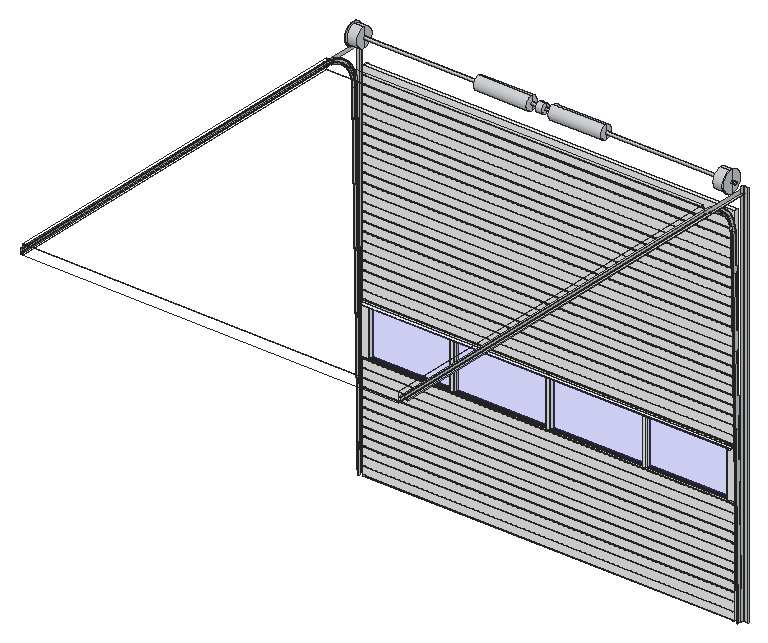
Revit family (continued)
Definition of nested family "Full Vision Section"
  Dimensions and locks (in)
    locked: Extrusion 5 sketch curve to Extrusion 5 sketch curve at 0.12598
    locked: Extrusion 5 sketch curve to Extrusion 5 sketch curve at 0.25
    locked: Extrusion 5 sketch curve to Extrusion 5 sketch curve at 1
    locked: Extrusion 5 sketch curve to Extrusion 5 sketch curve at 0.12327
    locked: Extrusion 5 sketch curve to Extrusion 5 sketch curve at 0.49827
    locked: Extrusion 5 sketch curve to Extrusion 5 sketch curve at 0.5625
    locked: Extrusion 5 sketch curve to Extrusion 5 sketch curve at 2.12418
    "End Stile Face": Extrusion 5 sketch curve to Extrusion 5 sketch curve
    locked: Extrusion 5 sketch curve to Extrusion 5 sketch curve at 0.375
    locked: Extrusion 6 sketch curve to Extrusion 6 sketch curve at 0.09338
    locked: Extrusion 2 to Extrusion 6 sketch curve at 1.875
    "Edge to 1st Int Stile": plane 10 to plane 9
    "Edge to 1st Int Stile": plane 6 to plane 11
    "Half Door Width": plane 2 "Center (Left/Right)" to plane 9
    "Half Door Width": plane 6 to plane 2 "Center (Left/Right)"
    "Half Rail Width": plane 2 "Center (Left/Right)" to plane 8
    "Half Rail Width": plane 7 to plane 2 "Center (Left/Right)"
    locked: Extrusion 3 sketch curve to Extrusion 3 sketch curve at 0.25
    radius of Extrusion 2 sketch curve = 0' - 0.12427"
    radius of Extrusion 2 sketch curve = 0' - 0.12444"
    radius of Extrusion 1 sketch curve = 0' - 0.12517"
    radius of Extrusion 1 sketch curve = 0' - 0.12664"
    aligned and locked: Extrusion 1 sketch curve to Extrusion 1 sketch curve  (x3)
    aligned and locked: Extrusion 2 sketch curve to Extrusion 1  (x3)
    aligned and locked: Extrusion 1 to Extrusion 2 sketch curve  (x3)
    aligned and locked: Extrusion 2 sketch curve to Extrusion 2 sketch curve  (x3)
    aligned: Extrusion 3 sketch curve to Extrusion 2
    aligned: Extrusion 3 sketch curve to Extrusion 1
    aligned and locked: Extrusion 3 sketch curve to Extrusion 1
    aligned and locked: Extrusion 4 sketch curve to Extrusion 4 sketch curve  (x3)
    aligned and locked: Extrusion 4 sketch curve to Extrusion 2
    aligned and locked: Extrusion 5 sketch curve to Extrusion 5 sketch curve  (x3)
    aligned and locked: Extrusion 5 sketch curve to Extrusion 2
    aligned and locked: nested 1 to Extrusion 2  (x2)
    aligned and locked: Extrusion 4 to Extrusion 3
    aligned and locked: Extrusion 1 to Extrusion 4
    aligned and locked: Extrusion 6 sketch curve to Extrusion 4
    aligned and locked: Extrusion 6 sketch curve to Extrusion 2
    aligned and locked: plane 2 "Center (Left/Right)" to nested 1
    aligned and locked: nested 1 to plane 5
    aligned and locked: Extrusion 5 sketch curve to plane 6
    aligned and locked: Extrusion 4 sketch curve to plane 9
    aligned and locked: plane 11 to nested 2
    aligned and locked: Extrusion 4 to nested 2
    aligned and locked: nested 2 to Extrusion 1
    aligned and locked: Extrusion 3 sketch curve to Extrusion 4  (x2)
  Automatic sketch dimensions
    Extrusion 1 sketch curve to level = 0' - 0"
    Extrusion 1 sketch curve to plane 5 = 0' - 0"
    Extrusion 1 sketch curve to Extrusion 1 sketch curve = 0' - 0 3/16"
    Extrusion 2 sketch curve to plane 5 = 0' - 0.50146"
    level to Extrusion 2 sketch curve = 1' - 10 21/32"
    Extrusion 2 sketch curve to Extrusion 2 sketch curve = 0' - 0 1/2"
  Nested families (in)
    nested 1: "Int Stile for Single" at (0, -3.5, 0.84375), visible <- "SingleStileVis", type "Single"
      with Stile Height 1' - 10 5/16"
    nested 2: "902 Int Stile Array" at (0, -3.5, 0.84375), visible <- "ArrayStileVis", type "Array"
      with NumIntStiles 2
  Definition of nested family "Int Stile for Single"
    Parameters (values of type "Single")
      Stile Height = 1' - 8 5/32"
      Frame Material = none
      Assembly Code = ""
    Reference planes (in)
      plane 1 "Center (Front/Back)": y = 0
      plane 2: z = 0
      plane 3 "Center (Left/Right)": x = 0
      plane 4: z = 20.15625
    Forms (in)
      Extrusion 1, solid, material <- "Frame Material"
        sketch origin (0, 0, 0) x (1, 0, 0) y (0, 1, 0)
          loop
            line (-0.65625, 0) -> (-0.65625, -0.125) -> (-0.78125, -0.125) -> (-1.15625, -0.5) -> (-1.15625, -0.63751) -> (-0.65625, -0.63751) -> (-0.65625, -0.88751) -> (-1.15625, -0.88751) -> (-1.15625, -1.88751) -> (-0.65625, -1.88751) -> (-0.65625, -2.125) -> (0.65625, -2.125) -> (0.65625, -1.88751) -> (1.15625, -1.88751) -> (1.15625, -0.88751) -> (0.65625, -0.88751) -> (0.65625, -0.63751) -> (1.15625, -0.63751) -> (1.15625, -0.5) -> (0.78125, -0.125) -> (0.65625, -0.125) -> (0.65625, 0) -> (-0.65625, 0)
        from 0 to 20.15625 <- "Stile Height"
    Dimensions and locks (in)
      "Stile Height": level to plane 4
      locked: Extrusion 1 sketch curve to Extrusion 1 sketch curve at 1.3125
      locked: Extrusion 1 sketch curve to Extrusion 1 sketch curve at 0.5  (x2)
      locked: Extrusion 1 sketch curve to plane 3 "Center (Left/Right)" at 1.15625
      locked: Extrusion 1 sketch curve to Extrusion 1 sketch curve at 2.125
      locked: Extrusion 1 sketch curve to Extrusion 1 sketch curve at 0.25
      locked: Extrusion 1 sketch curve to Extrusion 1 sketch curve at 1
      locked: Extrusion 1 sketch curve to Extrusion 1 sketch curve at 0.375  (x4)
      locked: Extrusion 1 sketch curve to Extrusion 1 sketch curve at 0.125  (x3)
      aligned and locked: plane 2 to level
      aligned and locked: Extrusion 1 sketch curve to Extrusion 1 sketch curve  (x8)
    Automatic sketch dimensions
      plane 1 "Center (Front/Back)" to Extrusion 1 sketch curve = 0' - 0"
      Extrusion 1 sketch curve to Extrusion 1 sketch curve = 0' - 0.23749"
  Definition of nested family "902 Int Stile Array"
    Parameters (values of type "Array")
      Stile Height = 1' - 10 5/16"
      NumIntStiles = 4
      IntStileCtrCtr = 3' - 8"
      Frame Material = none
      Assembly Code = ""
    Reference planes (in)
      plane 1 "Center (Front/Back)": y = 0
      plane 2: z = 0
      plane 3 "Center (Left/Right)": x = 0
      plane 4: z = 22.3125
      plane 5: x = 1.15625
      plane 6: x = -42.84375
    Forms (in)
      Extrusion 1, solid, material <- "Frame Material"
        sketch origin (0, 0, 0) x (1, 0, 0) y (0, 1, 0)
          loop
            line (-0.65625, 0) -> (-0.65625, -0.125) -> (-0.78125, -0.125) -> (-1.15625, -0.5) -> (-1.15625, -0.63751) -> (-0.65625, -0.63751) -> (-0.65625, -0.88751) -> (-1.15625, -0.88751) -> (-1.15625, -1.88751) -> (-0.65625, -1.88751) -> (-0.65625, -2.125) -> (0.65625, -2.125) -> (0.65625, -1.88751) -> (1.15625, -1.88751) -> (1.15625, -0.88751) -> (0.65625, -0.88751) -> (0.65625, -0.63751) -> (1.15625, -0.63751) -> (1.15625, -0.5) -> (0.78125, -0.125) -> (0.65625, -0.125) -> (0.65625, 0) -> (-0.65625, 0)
        from 0 to 22.3125 <- "Stile Height"
      Extrusion 2, solid, material <- "Frame Material"
        sketch origin (-44, 0, 0) x (1, 0, 0) y (0, 1, 0)
          loop
            line (-0.65625, 0) -> (-0.65625, -0.125) -> (-0.78125, -0.125) -> (-1.15625, -0.5) -> (-1.15625, -0.63751) -> (-0.65625, -0.63751) -> (-0.65625, -0.88751) -> (-1.15625, -0.88751) -> (-1.15625, -1.88751) -> (-0.65625, -1.88751) -> (-0.65625, -2.125) -> (0.65625, -2.125) -> (0.65625, -1.88751) -> (1.15625, -1.88751) -> (1.15625, -0.88751) -> (0.65625, -0.88751) -> (0.65625, -0.63751) -> (1.15625, -0.63751) -> (1.15625, -0.5) -> (0.78125, -0.125) -> (0.65625, -0.125) -> (0.65625, 0) -> (-0.65625, 0)
        from 0 to 22.3125 <- "Stile Height"
      Extrusion 3, solid, material <- "Frame Material"
        sketch origin (-88, 0, 0) x (1, 0, 0) y (0, 1, 0)
          loop
            line (-0.65625, 0) -> (-0.65625, -0.125) -> (-0.78125, -0.125) -> (-1.15625, -0.5) -> (-1.15625, -0.63751) -> (-0.65625, -0.63751) -> (-0.65625, -0.88751) -> (-1.15625, -0.88751) -> (-1.15625, -1.88751) -> (-0.65625, -1.88751) -> (-0.65625, -2.125) -> (0.65625, -2.125) -> (0.65625, -1.88751) -> (1.15625, -1.88751) -> (1.15625, -0.88751) -> (0.65625, -0.88751) -> (0.65625, -0.63751) -> (1.15625, -0.63751) -> (1.15625, -0.5) -> (0.78125, -0.125) -> (0.65625, -0.125) -> (0.65625, 0) -> (-0.65625, 0)
        from 0 to 22.3125 <- "Stile Height"
      Extrusion 4, solid, material <- "Frame Material"
        sketch origin (-132, 0, 0) x (1, 0, 0) y (0, 1, 0)
          loop
            line (-0.65625, 0) -> (-0.65625, -0.125) -> (-0.78125, -0.125) -> (-1.15625, -0.5) -> (-1.15625, -0.63751) -> (-0.65625, -0.63751) -> (-0.65625, -0.88751) -> (-1.15625, -0.88751) -> (-1.15625, -1.88751) -> (-0.65625, -1.88751) -> (-0.65625, -2.125) -> (0.65625, -2.125) -> (0.65625, -1.88751) -> (1.15625, -1.88751) -> (1.15625, -0.88751) -> (0.65625, -0.88751) -> (0.65625, -0.63751) -> (1.15625, -0.63751) -> (1.15625, -0.5) -> (0.78125, -0.125) -> (0.65625, -0.125) -> (0.65625, 0) -> (-0.65625, 0)
        from 0 to 22.3125 <- "Stile Height"
    Dimensions and locks (in)
      "Stile Height": level to plane 4
      locked: Extrusion 1 sketch curve to Extrusion 1 sketch curve at 1.3125
      locked: Extrusion 1 sketch curve to Extrusion 1 sketch curve at 0.5  (x2)
      locked: Extrusion 1 sketch curve to Extrusion 1 sketch curve at 2.125
      locked: Extrusion 1 sketch curve to Extrusion 1 sketch curve at 0.25
      locked: Extrusion 1 sketch curve to Extrusion 1 sketch curve at 1
      locked: Extrusion 1 sketch curve to Extrusion 1 sketch curve at 0.375  (x4)
      locked: Extrusion 1 sketch curve to Extrusion 1 sketch curve at 0.125  (x3)
      locked: Extrusion 2 sketch curve to Extrusion 2 sketch curve at 1.3125
      locked: Extrusion 2 sketch curve to Extrusion 2 sketch curve at 0.5  (x2)
      locked: Extrusion 2 sketch curve to Extrusion 2 sketch curve at 2.125
      locked: Extrusion 2 sketch curve to Extrusion 2 sketch curve at 0.25
      locked: Extrusion 2 sketch curve to Extrusion 2 sketch curve at 1
      locked: Extrusion 2 sketch curve to Extrusion 2 sketch curve at 0.375  (x4)
      locked: Extrusion 2 sketch curve to Extrusion 2 sketch curve at 0.125  (x3)
      equal spacing: group 4, group 3, group 2, group 1
      equal spacing: group 1, group 2, group 3, group 4  (x2)
      "IntStileCtrCtr": plane 5 to plane 6
      locked: Extrusion 3 sketch curve to Extrusion 3 sketch curve at 1.3125
      locked: Extrusion 3 sketch curve to Extrusion 3 sketch curve at 0.5  (x2)
      locked: Extrusion 3 sketch curve to Extrusion 3 sketch curve at 2.125
      locked: Extrusion 3 sketch curve to Extrusion 3 sketch curve at 0.25
      locked: Extrusion 3 sketch curve to Extrusion 3 sketch curve at 1
      locked: Extrusion 3 sketch curve to Extrusion 3 sketch curve at 0.375  (x4)
      locked: Extrusion 3 sketch curve to Extrusion 3 sketch curve at 0.125  (x3)
      locked: Extrusion 4 sketch curve to Extrusion 4 sketch curve at 1.3125
      locked: Extrusion 4 sketch curve to Extrusion 4 sketch curve at 0.5  (x2)
      locked: Extrusion 4 sketch curve to Extrusion 4 sketch curve at 2.125
      locked: Extrusion 4 sketch curve to Extrusion 4 sketch curve at 0.25
      locked: Extrusion 4 sketch curve to Extrusion 4 sketch curve at 1
      locked: Extrusion 4 sketch curve to Extrusion 4 sketch curve at 0.375  (x4)
      locked: Extrusion 4 sketch curve to Extrusion 4 sketch curve at 0.125  (x3)
      aligned and locked: plane 2 to level
      aligned and locked: Extrusion 1 sketch curve to Extrusion 1 sketch curve  (x8)
      aligned and locked: Extrusion 2 sketch curve to Extrusion 2 sketch curve  (x8)
      aligned and locked: plane 5 to Extrusion 1
      aligned and locked: plane 6 to Extrusion 2
      aligned and locked: Extrusion 3 sketch curve to Extrusion 3 sketch curve  (x8)
      aligned and locked: Extrusion 4 sketch curve to Extrusion 4 sketch curve  (x8)
    Automatic sketch dimensions
      Extrusion 1 sketch curve to Extrusion 1 sketch curve = 0' - 0.23749"
      Extrusion 2 sketch curve to Extrusion 2 sketch curve = 0' - 0.23749"
      Extrusion 3 sketch curve to Extrusion 3 sketch curve = 0' - 0.23749"
      Extrusion 4 sketch curve to Extrusion 4 sketch curve = 0' - 0.23749"
Definition of nested family "Track - Standard Lift"
  Parameters (values of type "15" Radius")
    WallToRadiusCenter = Door Thickness + 0' 1" + Vertical Track Length * 0' 0 1/4" / 1' 0" + Track Radius  # 1' - 8.83333"
    VerticalAngleLength = Door Height + 0' 10"  # 12' - 10"
    Vertical Track Length = Door Height - 0' 8"  # 11' - 4"
    TrackToTrack = CenterToLHTrack * 2  # 12' - 2"
    Roof Pitch Deg = atan(Roof Pitch / 12)  # 14.0362°
    Roof Pitch = 3
    Operator - Trolley = no
    Operator - Jack Shaft Right = no
    Operator - Jack Shaft Left = no
    HorizontalAngleLength = -(Horizontal Track Length + Track Radius + Vertical Track Length * 0.25 / 12 + 0' 2" - 0' 1" * Roof Pitch)  # -13' - 10.83333"
    Horizontal Track Length = Door Height + 1' 9" - Track Radius  # 12' - 6"
    FloorToTrolleyRail = FloorToShaftCL + 0' 6" - 0' 0 77/256" * Roof Pitch  # 13' - 7 25/256"
    FloorToShaftCL = Door Height + Track Radius - 0' 1"  # 13' - 2"
    FloorToJackShaft = FloorToShaftCL + 0' 3"  # 13' - 5"
    Double Torsion Shaft = yes
    Door Width = 12' - 0"
    Door Thickness = 0' - 2"
    Door Height = 12' - 0"
    CenterToLHTrack = Door Width / 2 + 0' 1" + Roof Pitch * 0' 0"  # 6' - 1"
    Track Radius = if([12" Radius Track], 1' 0", 1' 3")  # 1' - 3"
    HorizontalTrackAngle = 90.00° - Roof Pitch Deg + Roof Pitch * 0.00°  # 75.9638°
    CenterToRHTrack = -CenterToLHTrack  # -6' - 1"
    CenterToJackShaft = Door Width / 2 + 0' 5"  # 6' - 5"
    15" Radius Track = yes
    12" Radius Track = not([15" Radius Track])  # no
  Types (3): name | WallToRadiusCenter | Horizontal Track Length | FloorToTrolleyRail | FloorToShaftCL | FloorToJackShaft | Track Radius | 15" Radius Track | 12" Radius Track
    (no name) | 1' - 8.83333" | 12' - 6" | 13' - 7 25/256" | 13' - 2" | 13' - 5" | 1' - 3" | yes | no
    15" Radius | 1' - 8.83333" | 12' - 6" | 13' - 7 25/256" | 13' - 2" | 13' - 5" | 1' - 3" | yes | no
    12" Radius | 1' - 5.83333" | 12' - 9" | 13' - 4 25/256" | 12' - 11" | 13' - 2" | 1' - 0" | no | yes
  Reference planes (in)
    plane 1: y = 0
    plane 2 "Center (Left/Right)": x = 0
    plane 3 "Wall Edge": y = 3
    plane 4: y = 23.83333
    plane 5: z = 136
    plane 6: x = 73
    plane 7: x = -73
  Forms (in)
    Sweep 1, solid
      path in 3D
        loop
          line (0, 165.71667, 186.93248) -> (0, 20.1953, 150.55214)
          arc (0, 20.1953, 150.55214) -> (0, 12.10704, 145.35382) -> (0, 8.83659, 136.31243) r 15
          line (0, 8.83659, 136.31243) -> (0, 5.99672, 0)
      profile "Track Profile : Track Profile" origin (0, 7.41665, 68.15622) x (0, 0.999783, -0.020829) y (1, 0, 0)
        loop
          line (-2.03223, 73) -> (-1.97364, 73) -> (-1.97364, 73.826)
          arc (-1.97364, 73.826) -> (-1.9457, 73.89346) -> (-1.87823, 73.92141) r 0.09541
          line (-1.87823, 73.92141) -> (-0.65812, 73.92141)
          arc (-0.65812, 73.92141) -> (-0.63212, 73.9187) -> (-0.60723, 73.91071) r 0.12641
          line (-0.60723, 73.91071) -> (-0.20802, 73.73513)
          arc (-0.20802, 73.73513) -> (-0.05845, 73.52266) -> (-0.17676, 73.29133) r 0.25141
          line (-0.17676, 73.29133) -> (-0.46311, 73.1138) -> (-0.43223, 73.064) -> (-0.14589, 73.24153)
          arc (-0.14589, 73.24153) -> (0, 73.52678) -> (-0.18443, 73.78877) r 0.31
          line (-0.18443, 73.78877) -> (-0.58364, 73.96434)
          arc (-0.58364, 73.96434) -> (-0.62007, 73.97604) -> (-0.65812, 73.98) r 0.185
          line (-0.65812, 73.98) -> (-1.87823, 73.98)
          arc (-1.87823, 73.98) -> (-1.98713, 73.93489) -> (-2.03223, 73.826) r 0.154
          line (-2.03223, 73.826) -> (-2.03223, 73)
    Sweep 2, solid
      path in 3D
        loop
          line (0, 165.71667, 186.93248) -> (0, 20.1953, 150.55214)
          arc (0, 20.1953, 150.55214) -> (0, 12.10704, 145.35382) -> (0, 8.83659, 136.31243) r 15
          line (0, 8.83659, 136.31243) -> (0, 5.99672, 0)
      profile "Track Profile : Track Profile" origin (0, 7.41665, 68.15622) x (0, 0.999783, -0.020829) y (1, 0, 0)
        loop
          line (-2.03223, -73) -> (-2.03223, -73.826)
          arc (-2.03223, -73.826) -> (-1.98713, -73.93489) -> (-1.87823, -73.98) r 0.154
          line (-1.87823, -73.98) -> (-0.65812, -73.98)
          arc (-0.65812, -73.98) -> (-0.62007, -73.97604) -> (-0.58364, -73.96434) r 0.185
          line (-0.58364, -73.96434) -> (-0.18443, -73.78877)
          arc (-0.18443, -73.78877) -> (0, -73.52678) -> (-0.14589, -73.24153) r 0.31
          line (-0.14589, -73.24153) -> (-0.43223, -73.064) -> (-0.46311, -73.1138) -> (-0.17676, -73.29133)
          arc (-0.17676, -73.29133) -> (-0.05845, -73.52266) -> (-0.20802, -73.73513) r 0.25141
          line (-0.20802, -73.73513) -> (-0.60723, -73.91071)
          arc (-0.60723, -73.91071) -> (-0.63212, -73.9187) -> (-0.65812, -73.92141) r 0.12641
          line (-0.65812, -73.92141) -> (-1.87823, -73.92141)
          arc (-1.87823, -73.92141) -> (-1.9457, -73.89346) -> (-1.97364, -73.826) r 0.09541
          line (-1.97364, -73.826) -> (-1.97364, -73) -> (-2.03223, -73)
    Extrusion 3, solid, material "Transparent"
      sketch origin (73, 9, 148.94743) x (0, 0, 1) y (0, 1, 0)
        loop
          line (37.01491, 156.95921) -> (0.63457, 11.43783) -> (5.48528, 10.22516) -> (41.86562, 155.74653) -> (37.01491, 156.95921)
      from 0 to 146 <- "TrackToTrack"
    Extrusion 4, solid
      sketch origin (0, 165.71667, 186.93248) x (0, -0.242536, 0.970143) y (1, 0, 0)
        loop
          line (1.87823, 73.98) -> (1.87823, 74.06107) -> (0.47823, 74.06107) -> (0.47823, 75.48) -> (0.37823, 75.48) -> (0.37823, 73.98) -> (1.87823, 73.98)
      from -2 to -166.83333 <- "HorizontalAngleLength"
    Extrusion 5, solid
      sketch origin (0, 165.71667, 186.93248) x (0, -0.242536, 0.970143) y (1, 0, 0)
        loop
          line (1.87823, -73.98) -> (0.37823, -73.98) -> (0.37823, -75.48) -> (0.47823, -75.48) -> (0.47823, -74.08) -> (1.87823, -74.08) -> (1.87823, -73.98)
      from -2 to -166.83333 <- "HorizontalAngleLength"
    Extrusion 6, solid
      sketch origin (0, 0, 0) x (1, 0, 0) y (0, 1, 0)
        loop
          line (-73.98, 4.63) -> (-74.08, 4.63) -> (-74.08, 3.30484)
          arc (-74.08, 3.30484) -> (-74.14, 3.16) -> (-74.28484, 3.1) r 0.20484
          line (-74.28484, 3.1) -> (-76.26, 3.1) -> (-76.26, 3) -> (-74.28584, 3)
          arc (-74.28584, 3) -> (-74.06958, 3.08958) -> (-73.98, 3.30584) r 0.30584
          line (-73.98, 3.30584) -> (-73.98, 4.63)
        loop
          line (73.98, 4.63) -> (73.98, 3.30584)
          arc (73.98, 3.30584) -> (74.06958, 3.08958) -> (74.28584, 3) r 0.30584
          line (74.28584, 3) -> (76.26, 3) -> (76.26, 3.1) -> (74.28484, 3.1)
          arc (74.28484, 3.1) -> (74.14, 3.16) -> (74.08, 3.30484) r 0.20484
          line (74.08, 3.30484) -> (74.08, 4.63) -> (73.98, 4.63)
      from 0 to 154 <- "VerticalAngleLength"
    Extrusion 7, solid, visible <- "Operator - Jack Shaft Left"
      sketch origin (-60, 3, 0) x (-1, 0, 0) y (0, 0, 1)
        loop
          line (-149, 161) -> (-149, 137) -> (-137, 137) -> (-137, 161) -> (-149, 161)
      from 0 to 12
    Extrusion 8, solid, visible <- "Operator - Jack Shaft Right"
      sketch origin (-60, 3, 0) x (-1, 0, 0) y (0, 0, 1)
        loop
          line (17, 161) -> (17, 137) -> (29, 137) -> (29, 161) -> (17, 161)
      from 0 to 12
    Extrusion 9, solid, visible <- "Operator - Trolley"
      sketch origin (0, 0, 0) x (0, 1, 0) y (0, 0, 1)
        loop
          line (3.39876, 161.11455) -> (164.09305, 193.42697) -> (163.69429, 195.41008) -> (3, 163.09766) -> (3.39876, 161.11455)
      from -1 to 1
    Extrusion 10, solid, visible <- "Operator - Trolley"
      sketch origin (0, 0, 0) x (0, 1, 0) y (0, 0, 1)
        loop
          line (165.95921, 185.96234) -> (189.24263, 191.78319) -> (186.81727, 201.48462) -> (163.53385, 195.66376) -> (165.95921, 185.96234)
      from -12 to 12
  Lines and regions (in)
    reference lines, not visible
      curve 1: line (0, 23.83333, 136) -> (0, 20.1953, 150.55214)
      curve 2: line (0, 23.83333, 136) -> (0, 8.83659, 136.31243)
      curve 3: line (0, 20.1953, 150.55214) -> (0, 165.71667, 186.93248)
      curve 4: line (0, 8.83659, 136.31243) -> (0, 5.99672, 0)
      curve 5: arc (0, 20.1953, 150.55214) -> (0, 12.10704, 145.35382) -> (0, 8.83659, 136.31243) r 15
    sketch lines
      curve 6: line (0, 8.83659, 136.31243) -> (0, 5.99672, 0)
      curve 7: arc (0, 20.1953, 150.55214) -> (0, 12.10704, 145.35382) -> (0, 8.83659, 136.31243) r 15
      curve 8: line (0, 20.1953, 150.55214) -> (0, 165.71667, 186.93248)
      curve 9: line (0, 8.83659, 136.31243) -> (0, 5.99672, 0)
      curve 10: arc (0, 20.1953, 150.55214) -> (0, 12.10704, 145.35382) -> (0, 8.83659, 136.31243) r 15
      curve 11: line (0, 20.1953, 150.55214) -> (0, 165.71667, 186.93248)
  Text (in)
    text "Placement Side" at (0, 40.15149, 123.01588), in view "Right"
    text "Placement Side" at (-70.3804, 28.46503, 0), in view "Ref. Level"
    text "Placement Side" at (0, 81.62555, 140.59947), in view "Left"
  Dimensions and locks (in)
    locked: plane 3 "Wall Edge" to host wall
    "WallToRadiusCenter": plane 3 "Wall Edge" to plane 4
    "Vertical Track Length": plane 5 to level
    "Track Radius": curve 1 to curve 1
    "Track Radius": curve 2 to curve 2
    "CenterToLHTrack": plane 6 to plane 2 "Center (Left/Right)"
    "CenterToLHTrack": plane 2 "Center (Left/Right)" to plane 7
    "Horizontal Track Length": curve 5 to curve 3
    locked: curve 3 to Extrusion 3 sketch curve at 4
    locked: Extrusion 3 sketch curve to curve 3 at 1
    locked: Extrusion 4 sketch curve to Extrusion 4 sketch curve at 1.5  (x2)
    locked: Extrusion 4 sketch curve to Extrusion 4 sketch curve at 0.1
    locked: Sweep 1 to Extrusion 4 sketch curve at 0.08107
    locked: Extrusion 5 sketch curve to Extrusion 5 sketch curve at 0.1
    locked: Extrusion 5 sketch curve to Sweep 2 at 0.1
    locked: Extrusion 5 sketch curve to Extrusion 5 sketch curve at 1.5
    locked: Extrusion 5 sketch curve to Sweep 2 at 1.5
    locked: Extrusion 6 sketch curve to Extrusion 6 sketch curve at 0.1  (x4)
    locked: Extrusion 6 sketch curve to Extrusion 6 sketch curve at 2.28  (x2)
    Extrusion 6 sketch curve to Extrusion 6 sketch curve = 0' - 1.63"
    locked: Extrusion 6 sketch curve to Extrusion 6 sketch curve at 1.63  (x2)
    locked: host wall to nested 1 at 6
    locked: Extrusion 7 sketch curve to Extrusion 7 sketch curve at 12
    locked: Extrusion 7 sketch curve to Extrusion 7 sketch curve at 24
    "FloorToJackShaft": level to Extrusion 7 sketch curve
    "CenterToJackShaft": Extrusion 7 sketch curve to curve 4
    locked: Extrusion 8 sketch curve to Extrusion 8 sketch curve at 24
    locked: Extrusion 8 sketch curve to Extrusion 8 sketch curve at 12
    "CenterToJackShaft": curve 4 to Extrusion 8 sketch curve
    "FloorToShaftCL": nested 1 to level
    locked: Extrusion 9 sketch curve to Extrusion 9 sketch curve at 2.0228
    locked: Extrusion 9 sketch curve to Extrusion 3 at 2.69437
    "FloorToTrolleyRail": Extrusion 9 sketch curve to level
    locked: Extrusion 10 sketch curve to Extrusion 10 sketch curve at 10
    locked: Extrusion 10 sketch curve to Extrusion 10 sketch curve at 24
    "Track Radius": radius of curve 5
    radius of Extrusion 6 sketch curve = 0' - 0.30584"
    radius of Extrusion 6 sketch curve = 0' - 0.20484"
    "HorizontalTrackAngle": angle curve 1 to plane 5
    locked: curve 2 to plane 5 (angle 1.1935°)
    locked: curve 1 to curve 3 (angle 90.00°)
    locked: curve 4 to curve 2 (angle 90.00°)
    angle Extrusion 9 sketch curve to Extrusion 9 sketch curve = 90.00°  (x2)
    aligned and locked: plane 5 to curve 2
    aligned and locked: plane 4 to curve 2
    aligned and locked: level to curve 4
    aligned and locked: Extrusion 3 sketch curve to curve 3
    aligned and locked: Extrusion 3 sketch curve to curve 1
    aligned and locked: Extrusion 4 sketch curve to Sweep 1
    aligned and locked: Extrusion 5 sketch curve to Sweep 2
    aligned and locked: Extrusion 4 to Extrusion 5 sketch curve
    aligned and locked: Sweep 2 to Extrusion 6 sketch curve
    aligned and locked: Extrusion 6 sketch curve to Sweep 1
    aligned and locked: Extrusion 6 sketch curve to host wall
    aligned and locked: nested 1 to curve 4
    aligned and locked: Extrusion 7 to Extrusion 8 sketch curve
    aligned and locked: Extrusion 3 to Extrusion 9 sketch curve
    aligned and locked: host wall to Extrusion 9 sketch curve
    aligned and locked: Extrusion 10 sketch curve to Extrusion 3  (x2)
  Automatic sketch dimensions
    Sweep 1 to Extrusion 4 sketch curve = 0' - 1.59541"
    Extrusion 6 sketch curve to host wall = 0' - 0"
    Extrusion 6 sketch curve to Extrusion 6 sketch curve = 0' - 0.20484"
    Extrusion 6 sketch curve to Extrusion 6 sketch curve = 0' - 0.00101"
  Nested families (in)
    nested 1: "Torsion Assembly - Standard Lift" at (0, 9, 94.84779), type "Torsion Assembly - High Lift"
  Definition of nested family "Torsion Assembly - Standard Lift"
    Parameters (values of type "Torsion Assembly - Standard Lift")
      Spring Length = if(Door Width < 6' 0", 1' 0", 2' 0")  # 2' - 0"
      HalfShaft2Length = HalfShaftLength + 1' 0"  # 7' - 3 1/2"
      Double Torsion Shaft = no
      Door Width = 12' - 0"
      HalfShaftLength = (Door Width + 0' 7") / 2  # 6' - 3 1/2"
      Assembly Code = ""
    Types (2): name | Double Torsion Shaft
      Torsion Assembly - Standard Lift | no
      Torsion Assembly - High Lift | yes
    Reference planes (in)
      plane 1 "Center (Front/Back)": y = 0
      plane 2: z = 63.15221
      plane 3 "Center (Left/Right)": x = 0
      plane 4: z = 75.15221
      plane 5: z = 63.15221
    Forms (in)
      Revolve 1, solid
        sketch origin (0, 0, 0) x (1, 0, 0) y (0, 0, 1)
          loop
            line (5, 63.65221) -> (1.38578, 63.65221) -> (1.38578, 65.15221) -> (-1.36422, 65.15221) -> (-1.36422, 63.65221) -> (-5, 63.65221) -> (-5, 66.15221) -> (-29, 66.15221) -> (-29, 63.65221) -> (-68.5, 63.65221) -> (-68.5, 67.45823) -> (-73, 67.45823) -> (-73, 67.95823) -> (-73.5, 67.95823) -> (-73.5, 63.65221) -> (-75.5, 63.65221) -> (-75.5, 63.15221) -> (-73.5, 63.15221) -> (73.5, 63.15221) -> (75.5, 63.15221) -> (75.5, 63.65221) -> (73.5, 63.65221) -> (73.5, 67.95823) -> (73, 67.95823) -> (73, 67.45823) -> (68.5, 67.45823) -> (68.5, 63.65221) -> (29, 63.65221) -> (29, 66.15221) -> (5, 66.15221) -> (5, 63.65221)
          axis (-75.5, 63.15221) -> (75.5, 63.15221)
        angle from 0 to 360
      Revolve 2, solid, visible <- "Double Torsion Shaft"
        sketch origin (0, 0, 12) x (1, 0, 0) y (0, 0, 1)
          loop
            line (5, 63.65221) -> (1.38578, 63.65221) -> (1.38578, 65.15221) -> (-1.36422, 65.15221) -> (-1.36422, 63.65221) -> (-5, 63.65221) -> (-5, 66.15221) -> (-29, 66.15221) -> (-29, 63.65221) -> (-74.5, 63.65221) -> (-74.5, 67.45823) -> (-79, 67.45823) -> (-79, 67.95823) -> (-79.5, 67.95823) -> (-79.5, 63.65221) -> (-87.5, 63.65221) -> (-87.5, 63.15221) -> (-79.5, 63.15221) -> (79.5, 63.15221) -> (87.5, 63.15221) -> (87.5, 63.65221) -> (79.5, 63.65221) -> (79.5, 67.95823) -> (79, 67.95823) -> (79, 67.45823) -> (74.5, 67.45823) -> (74.5, 63.65221) -> (29, 63.65221) -> (29, 66.15221) -> (5, 66.15221) -> (5, 63.65221)
          axis (-87.5, 63.15221) -> (87.5, 63.15221)
        angle from 0 to 360
    Dimensions and locks (in)
      locked: Revolve 1 sketch curve to Revolve 1 sketch curve at 0.5  (x4)
      locked: Revolve 1 sketch curve to Revolve 1 sketch curve at 4.80602
      locked: Revolve 1 sketch curve to Revolve 1 sketch curve at 2.75
      locked: Revolve 1 sketch curve to plane 3 "Center (Left/Right)" at 1.38578
      locked: Revolve 1 sketch curve to Revolve 1 sketch curve at 3
      locked: Revolve 1 sketch curve to Revolve 1 sketch curve at 2  (x3)
      locked: Revolve 1 sketch curve to plane 3 "Center (Left/Right)" at 5
      "Spring Length": Revolve 1 sketch curve to Revolve 1 sketch curve  (x2)
      locked: plane 3 "Center (Left/Right)" to Revolve 1 sketch curve at 5
      locked: Revolve 1 sketch curve to Revolve 1 sketch curve at 5  (x2)
      "HalfShaftLength": Revolve 1 sketch curve to plane 3 "Center (Left/Right)"
      "HalfShaftLength": plane 3 "Center (Left/Right)" to Revolve 1 sketch curve
      locked: Revolve 2 sketch curve to Revolve 2 sketch curve at 0.5  (x4)
      locked: Revolve 2 sketch curve to Revolve 2 sketch curve at 4.80602
      locked: Revolve 2 sketch curve to Revolve 2 sketch curve at 2.75
      locked: Revolve 2 sketch curve to Revolve 2 sketch curve at 3
      locked: Revolve 2 sketch curve to Revolve 2 sketch curve at 2
      "Spring Length": Revolve 2 sketch curve to Revolve 2 sketch curve  (x2)
      locked: Revolve 2 sketch curve to Revolve 2 sketch curve at 5  (x2)
      locked: Revolve 2 sketch curve to Revolve 2 sketch curve at 8  (x2)
      locked: Revolve 2 to plane 4 at 0.5
      locked: plane 4 to level at 12
      "HalfShaft2Length": plane 3 "Center (Left/Right)" to Revolve 2 sketch curve
      "HalfShaft2Length": Revolve 2 sketch curve to plane 3 "Center (Left/Right)"
      locked: plane 3 "Center (Left/Right)" to Revolve 2 sketch curve at 5
      locked: Revolve 2 sketch curve to plane 3 "Center (Left/Right)" at 5
      aligned and locked: plane 2 to level
      aligned and locked: plane 5 to level
    Automatic sketch dimensions
      Revolve 1 sketch curve to level = 0' - 0"  (x2)
      Revolve 1 sketch curve to Revolve 1 sketch curve = 0' - 0"  (x2)
      Revolve 1 sketch curve to Revolve 1 sketch curve = 0' - 11.98222"
      Revolve 1 sketch curve to Revolve 1 sketch curve = 0' - 11.01778"
      level to Revolve 1 sketch curve = 0' - 0 1/2"  (x4)
      Revolve 1 sketch curve to Revolve 1 sketch curve = 0' - 0 1/2"  (x2)
      Revolve 1 sketch curve to Revolve 1 sketch curve = 0' - 2 1/2"
      Revolve 1 sketch curve to Revolve 1 sketch curve = 0' - 3.80602"
      level to Revolve 2 sketch curve = 1' - 0 1/2"  (x2)
      Revolve 2 sketch curve to Revolve 2 sketch curve = 0' - 0"  (x2)
      Revolve 2 sketch curve to Revolve 2 sketch curve = 0' - 11.98222"
      Revolve 2 sketch curve to plane 3 "Center (Left/Right)" = 0' - 1.36422"
      Revolve 2 sketch curve to Revolve 2 sketch curve = 0' - 11.01778"
      level to Revolve 2 sketch curve = 1' - 0"
      Revolve 2 sketch curve to Revolve 2 sketch curve = 0' - 1 1/2"
      Revolve 2 sketch curve to Revolve 2 sketch curve = 0' - 0 1/2"  (x3)
      Revolve 2 sketch curve to Revolve 2 sketch curve = 0' - 2 1/2"  (x2)
      Revolve 2 sketch curve to Revolve 2 sketch curve = 0' - 3.80602"
